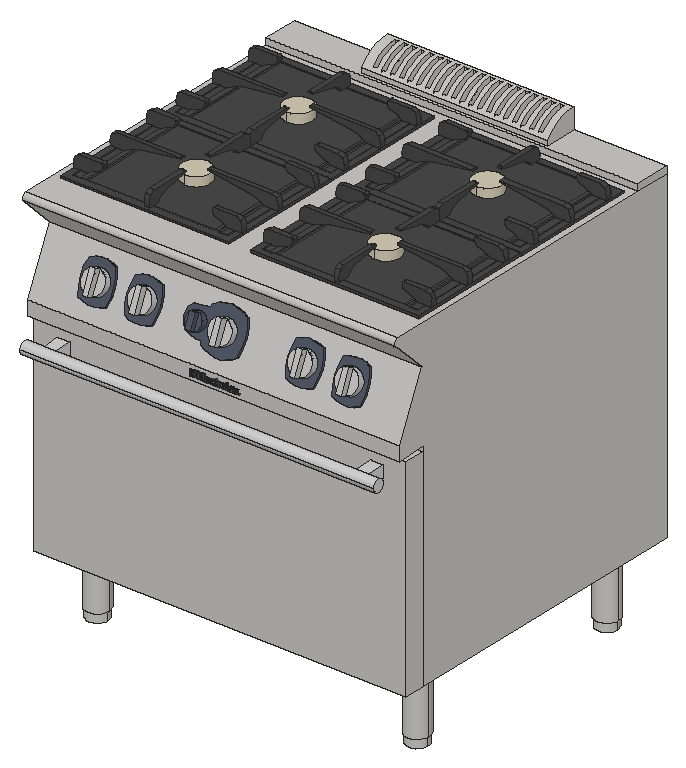
Revit family "QF_ELECTROLUXPROFESSIONAL_371403_E7AAKTBBMEI", category Attrezzature speciali, Revit 2018 (continued)
Automatic sketch dimensions
  Extrusion 26 sketch curve to Extrusion 26 sketch curve = 0.552 mm
  Extrusion 26 sketch curve to Extrusion 26 sketch curve = 0.778 mm
  Extrusion 26 sketch curve to Extrusion 26 sketch curve = 0.063 mm
  Extrusion 26 sketch curve to Extrusion 26 sketch curve = 1.023 mm
  Extrusion 26 sketch curve to Extrusion 26 sketch curve = 3.804 mm
  Extrusion 26 sketch curve to Extrusion 26 sketch curve = 0.486 mm
  Extrusion 26 sketch curve to Extrusion 26 sketch curve = 0.266 mm
  Extrusion 26 sketch curve to plane 7 "Center Y" = 0.787 mm
  Extrusion 26 sketch curve to Extrusion 26 sketch curve = 1.547 mm
  Extrusion 26 sketch curve to Extrusion 26 sketch curve = 0.717 mm  (x2)
  Extrusion 26 sketch curve to Extrusion 26 sketch curve = 1.667 mm
  plane 7 "Center Y" to Extrusion 26 sketch curve = 44.532 mm
  Extrusion 26 sketch curve to Extrusion 26 sketch curve = 3.174 mm
  plane 7 "Center Y" to Extrusion 26 sketch curve = 0.368 mm
  Extrusion 26 sketch curve to Extrusion 26 sketch curve = 0.388 mm
  Extrusion 26 sketch curve to Extrusion 26 sketch curve = 1.342 mm
  plane 7 "Center Y" to Extrusion 26 sketch curve = 50.135 mm
  Extrusion 26 sketch curve to Extrusion 26 sketch curve = 1.521 mm
  plane 7 "Center Y" to Extrusion 26 sketch curve = 51.694 mm
  Extrusion 26 sketch curve to Extrusion 26 sketch curve = 0.124 mm
  Extrusion 26 sketch curve to Extrusion 26 sketch curve = 0.291 mm
  plane 7 "Center Y" to Extrusion 26 sketch curve = 7.285 mm
  Extrusion 26 sketch curve to Extrusion 26 sketch curve = 1.049 mm  (x2)
  plane 7 "Center Y" to Extrusion 26 sketch curve = 47.668 mm
  Extrusion 26 sketch curve to Extrusion 26 sketch curve = 1.7 mm
  Extrusion 26 sketch curve to Extrusion 26 sketch curve = 0.894 mm
  Extrusion 26 sketch curve to Extrusion 26 sketch curve = 0.989 mm
  Extrusion 26 sketch curve to Extrusion 26 sketch curve = 1.168 mm
  Extrusion 26 sketch curve to Extrusion 26 sketch curve = 1.594 mm
  Extrusion 26 sketch curve to Extrusion 26 sketch curve = 0.731 mm
  Extrusion 26 sketch curve to Extrusion 26 sketch curve = 1.566 mm
  Extrusion 26 sketch curve to Extrusion 26 sketch curve = 0.064 mm
  plane 7 "Center Y" to Extrusion 26 sketch curve = 7.842 mm
  Extrusion 26 sketch curve to Extrusion 26 sketch curve = 0.556 mm
  Extrusion 26 sketch curve to Extrusion 26 sketch curve = 0.48 mm
  Extrusion 26 sketch curve to Extrusion 26 sketch curve = 0.228 mm
  Extrusion 26 sketch curve to Extrusion 26 sketch curve = 1.018 mm
  plane 7 "Center Y" to Extrusion 26 sketch curve = 37.429 mm
  Extrusion 26 sketch curve to Extrusion 26 sketch curve = 0.787 mm
  Extrusion 26 sketch curve to Extrusion 26 sketch curve = 0.618 mm
  plane 7 "Center Y" to Extrusion 26 sketch curve = 42.486 mm
  Extrusion 26 sketch curve to Extrusion 26 sketch curve = 1.672 mm
  plane 7 "Center Y" to Extrusion 26 sketch curve = 53.436 mm
  Extrusion 26 sketch curve to Extrusion 26 sketch curve = 1.361 mm
  Extrusion 26 sketch curve to Extrusion 26 sketch curve = 0.822 mm
  Extrusion 26 sketch curve to Extrusion 26 sketch curve = 0.069 mm
  Extrusion 26 sketch curve to Extrusion 26 sketch curve = 1.88 mm
  plane 7 "Center Y" to Extrusion 26 sketch curve = 35.269 mm
  Extrusion 26 sketch curve to Extrusion 26 sketch curve = 0.42 mm
  Extrusion 26 sketch curve to Extrusion 26 sketch curve = 0.062 mm
  Extrusion 26 sketch curve to Extrusion 26 sketch curve = 1.355 mm
  Extrusion 26 sketch curve to Extrusion 26 sketch curve = 2.34 mm
  Extrusion 26 sketch curve to Extrusion 26 sketch curve = 0.493 mm
  Extrusion 26 sketch curve to Extrusion 26 sketch curve = 0.136 mm
  Extrusion 26 sketch curve to Extrusion 26 sketch curve = 0.128 mm
  Extrusion 26 sketch curve to Extrusion 26 sketch curve = 3.616 mm
  Extrusion 26 sketch curve to Extrusion 26 sketch curve = 4.207 mm
  Extrusion 26 sketch curve to Extrusion 26 sketch curve = 0.183 mm
  Extrusion 26 sketch curve to Extrusion 26 sketch curve = 0.895 mm
  Extrusion 26 sketch curve to Extrusion 26 sketch curve = 1.314 mm
  Extrusion 26 sketch curve to Extrusion 26 sketch curve = 3.231 mm
  Extrusion 26 sketch curve to plane 7 "Center Y" = 23.526 mm
  Extrusion 26 sketch curve to Extrusion 26 sketch curve = 1.299 mm
  Extrusion 26 sketch curve to Extrusion 26 sketch curve = 1.214 mm
  plane 7 "Center Y" to Extrusion 26 sketch curve = 26.369 mm
  Extrusion 26 sketch curve to Extrusion 26 sketch curve = 1.264 mm
  Extrusion 26 sketch curve to Extrusion 26 sketch curve = 0.109 mm
  Extrusion 26 sketch curve to Extrusion 26 sketch curve = 0.357 mm
  Extrusion 26 sketch curve to Extrusion 26 sketch curve = 0.565 mm
  Extrusion 26 sketch curve to Extrusion 26 sketch curve = 2.504 mm
  Extrusion 26 sketch curve to Extrusion 26 sketch curve = 2.459 mm
  Extrusion 26 sketch curve to Extrusion 26 sketch curve = 0.983 mm
  Extrusion 26 sketch curve to Extrusion 26 sketch curve = 0.422 mm  (x2)
  Extrusion 26 sketch curve to Extrusion 26 sketch curve = 1.268 mm
  Extrusion 26 sketch curve to Extrusion 26 sketch curve = 0.671 mm
  Extrusion 26 sketch curve to Extrusion 26 sketch curve = 1.634 mm
  Extrusion 26 sketch curve to Extrusion 26 sketch curve = 0.132 mm
  Extrusion 26 sketch curve to Extrusion 26 sketch curve = 0.586 mm
  Extrusion 26 sketch curve to Extrusion 26 sketch curve = 1.241 mm
  Extrusion 26 sketch curve to Extrusion 26 sketch curve = 1.689 mm
  Extrusion 26 sketch curve to Extrusion 26 sketch curve = 0.627 mm
  Extrusion 26 sketch curve to Extrusion 26 sketch curve = 0.419 mm
  Extrusion 26 sketch curve to Extrusion 26 sketch curve = 1.514 mm
  Extrusion 26 sketch curve to Extrusion 26 sketch curve = 1.019 mm
  Extrusion 26 sketch curve to Extrusion 26 sketch curve = 0.065 mm
  Extrusion 26 sketch curve to Extrusion 26 sketch curve = 1.215 mm
  Extrusion 26 sketch curve to Extrusion 26 sketch curve = 1.122 mm
  Extrusion 26 sketch curve to Extrusion 26 sketch curve = 1.153 mm
  Extrusion 26 sketch curve to Extrusion 26 sketch curve = 1.223 mm
  Extrusion 26 sketch curve to Extrusion 26 sketch curve = 0.934 mm
  Extrusion 26 sketch curve to Extrusion 26 sketch curve = 3.376 mm
  Extrusion 26 sketch curve to Extrusion 26 sketch curve = 0.222 mm
  Extrusion 26 sketch curve to Extrusion 26 sketch curve = 1.383 mm
  Extrusion 26 sketch curve to Extrusion 26 sketch curve = 1.556 mm
  Extrusion 26 sketch curve to Extrusion 26 sketch curve = 2.559 mm
  Extrusion 26 sketch curve to Extrusion 26 sketch curve = 2.51 mm
  Extrusion 26 sketch curve to Extrusion 26 sketch curve = 0.131 mm
  Extrusion 26 sketch curve to Extrusion 26 sketch curve = 1.134 mm
  Extrusion 26 sketch curve to Extrusion 26 sketch curve = 0.094 mm
  Extrusion 26 sketch curve to Extrusion 26 sketch curve = 1.584 mm
  Extrusion 26 sketch curve to Extrusion 26 sketch curve = 0.27 mm
  Extrusion 26 sketch curve to Extrusion 26 sketch curve = 0.916 mm
  Extrusion 26 sketch curve to Extrusion 26 sketch curve = 0.352 mm
  Extrusion 26 sketch curve to Extrusion 26 sketch curve = 0.458 mm
  Extrusion 26 sketch curve to Extrusion 26 sketch curve = 1.282 mm
  Extrusion 26 sketch curve to Extrusion 26 sketch curve = 1.363 mm
  Extrusion 26 sketch curve to Extrusion 26 sketch curve = 0.685 mm
  Extrusion 26 sketch curve to Extrusion 26 sketch curve = 0.905 mm
  Extrusion 26 sketch curve to Extrusion 26 sketch curve = 1.477 mm
  Extrusion 26 sketch curve to Extrusion 26 sketch curve = 0.472 mm
  Extrusion 26 sketch curve to Extrusion 26 sketch curve = 0.101 mm
  Extrusion 26 sketch curve to Extrusion 26 sketch curve = 0.54 mm
  Extrusion 26 sketch curve to Extrusion 26 sketch curve = 0.02 mm
  Extrusion 26 sketch curve to Extrusion 26 sketch curve = 0.829 mm
  Extrusion 26 sketch curve to Extrusion 26 sketch curve = 0.582 mm
  Extrusion 26 sketch curve to Extrusion 26 sketch curve = 0.166 mm
  Extrusion 26 sketch curve to Extrusion 26 sketch curve = 0.16 mm
  Extrusion 26 sketch curve to Extrusion 26 sketch curve = 1.118 mm
  Extrusion 26 sketch curve to Extrusion 26 sketch curve = 0.613 mm
  Extrusion 26 sketch curve to Extrusion 26 sketch curve = 0.781 mm
  Extrusion 26 sketch curve to Extrusion 26 sketch curve = 0.361 mm
  Extrusion 26 sketch curve to Extrusion 26 sketch curve = 0.897 mm
  Extrusion 26 sketch curve to Extrusion 26 sketch curve = 0.167 mm
  Extrusion 26 sketch curve to Extrusion 26 sketch curve = 0.292 mm
  Extrusion 26 sketch curve to Extrusion 26 sketch curve = 0.305 mm
  Extrusion 26 sketch curve to Extrusion 26 sketch curve = 1.557 mm
  Extrusion 26 sketch curve to Extrusion 26 sketch curve = 2.499 mm
  Extrusion 26 sketch curve to Extrusion 26 sketch curve = 3.062 mm
  Extrusion 26 sketch curve to Extrusion 26 sketch curve = 2.968 mm
  Extrusion 26 sketch curve to Extrusion 26 sketch curve = 5.044 mm
  Extrusion 26 sketch curve to Extrusion 26 sketch curve = 0.629 mm  (x2)
  Extrusion 26 sketch curve to Extrusion 26 sketch curve = 1.131 mm
  Extrusion 26 sketch curve to Extrusion 26 sketch curve = 0.137 mm
  Extrusion 26 sketch curve to Extrusion 26 sketch curve = 0.027 mm
  Extrusion 26 sketch curve to Extrusion 26 sketch curve = 2.046 mm
  Extrusion 26 sketch curve to Extrusion 26 sketch curve = 2.235 mm
  radius of Extrusion 9 sketch curve = 12.7 mm
  radius of Extrusion 12 sketch curve = 25.4 mm  (x5)
  radius of Extrusion 15 sketch curve = 18.37 mm
  radius of Extrusion 17 sketch curve = 6.35 mm
Nested families
  nested 1: "371009_BURNER" at (8.5, -5, 0), type "371009_BURNER"
    with Type Mark "", Status "", Specification by User "", Revision Code "", Item Number "", Installed By "", Identify Quantity as Lot yes, Furnished By "", Foodservice Equipment Identifier yes
  nested 2: "371009_BURNER" at (8.5, -739.127, 0), type "371009_BURNER"
    with Type Mark "", Status "", Specification by User "", Revision Code "", Item Number "", Installed By "", Identify Quantity as Lot yes, Furnished By "", Foodservice Equipment Identifier yes
  nested 3: "371009_BURNER" at (416.5, -5, 0), type "371009_BURNER"
    with Type Mark "", Status "", Specification by User "", Revision Code "", Item Number "", Installed By "", Identify Quantity as Lot yes, Furnished By "", Foodservice Equipment Identifier yes
  nested 4: "371009_BURNER" at (416.5, -739.127, 0), type "371009_BURNER"
    with Type Mark "", Status "", Specification by User "", Revision Code "", Item Number "", Installed By "", Identify Quantity as Lot yes, Furnished By "", Foodservice Equipment Identifier yes
Connectors
  piping at (747.613, -464, 141.185), diameter 12.8
    settings: on Extrusion 17, index 1, connector inside diameter 0.50394", connector length 0 mm, flow factor 0, pipe flow 0 GPM, pressure drop 0.00 psi, fitting loss kfactor 0, connector angle 0.00°, fixture units 0, engagement length 0 mm, angle of deflection 0.00°, flow configuration 1, flow direction 1, fitting loss method 0, system type 7, joint type 0, gender type 0, connector reference index -1, connector utility 0, adjustable connector no, is connector primary yes, connector description "Gas Inlet"
Definition of nested family "371009_BURNER"
  Parameters
    Weight in Pounds = 0
    URL Cutsheet = ""
    URL = "www.electrolux.com"
    Type Mark [instance] = ""
    Status [instance] = ""
    Specification by User [instance] = ""
    Specification by Manufacturer = ""
    Serial Number = ""
    Seismic Rating = ""
    SMACNA No = ""
    Revision Code [instance] = ""
    Omniclass Number and Title = ""
    NAFEM Spec ID Number = ""
    Model = "371009"
    Masterspec = ""
    Manufacturer = "ELECTROLUX"
    Item Number [instance] = ""
    Installed By [instance] = ""
    Identify Quantity as Lot [instance] = yes
    Furnished By [instance] = ""
    Foodservice Equipment Identifier [instance] = yes
    Description = ""
    CSI MasterFormat = ""
    CSI Master Format = ""
  Reference planes
    plane 1 "BACK": y = 0
    plane 2: z = 0
    plane 3 "LEFT": x = 0
    plane 4 "RIGHT": x = 800
    plane 5 "FRONT": y = -700
    plane 6 "TOP": z = 908.85
    plane 7 "Center Y": x = 400
    plane 8 "Center X": y = -350
    plane 9 "Base": z = 150
    plane 10: z = 850.85
  Forms (mm)
    Extrusion 1, solid
      sketch origin (0, -734.127, 5) x (1, 0, 0) y (0, 0, -1)
        loop
          arc (7.142, -850.85) -> (6.739, -862.989) -> (9.761, -874.752) r 42.809
          line (9.761, -874.752) -> (19.961, -879.425) -> (157.339, -879.425)
          arc (157.339, -879.425) -> (158.533, -878.312) -> (157.506, -877.043) r 1.197
          line (157.506, -877.043) -> (64.848, -864.021)
          arc (64.848, -864.021) -> (50.111, -858.738) -> (36.589, -850.85) r 85.245
          line (36.589, -850.85) -> (7.142, -850.85)
        loop
          line (367.858, -850.85) -> (338.411, -850.85)
          arc (338.411, -850.85) -> (324.889, -858.738) -> (310.152, -864.021) r 85.245
          line (310.152, -864.021) -> (217.494, -877.043)
          arc (217.494, -877.043) -> (216.467, -878.312) -> (217.661, -879.425) r 1.197
          line (217.661, -879.425) -> (355.039, -879.425) -> (365.239, -874.752)
          arc (365.239, -874.752) -> (368.261, -862.989) -> (367.858, -850.85) r 42.809
      from 224.564 to 234.564
    Extrusion 2, solid
      sketch origin (0, -734.127, 5) x (1, 0, 0) y (0, 0, -1)
        loop
          arc (7.056, -850.85) -> (6.705, -862.948) -> (9.748, -874.663) r 42.876
          line (9.748, -874.663) -> (19.961, -879.425) -> (65.851, -879.425)
          arc (65.851, -879.425) -> (68.577, -878.352) -> (69.841, -875.709) r 4
          arc (69.841, -875.709) -> (68.75, -869.25) -> (64.816, -864.012) r 13.87
          arc (64.816, -864.012) -> (50.096, -858.731) -> (36.589, -850.85) r 85.245
          line (36.589, -850.85) -> (7.056, -850.85)
        loop
          line (367.944, -850.85) -> (338.411, -850.85)
          arc (338.411, -850.85) -> (324.904, -858.731) -> (310.184, -864.012) r 85.245
          arc (310.184, -864.012) -> (306.25, -869.25) -> (305.159, -875.709) r 13.87
          arc (305.159, -875.709) -> (306.423, -878.352) -> (309.149, -879.425) r 4
          line (309.149, -879.425) -> (355.039, -879.425) -> (365.252, -874.663)
          arc (365.252, -874.663) -> (368.295, -862.948) -> (367.944, -850.85) r 42.876
      from 127.064 to 137.064
    Extrusion 3, solid
      sketch origin (0, -275, 5) x (1, 0, 0) y (0, 0, 1)
        loop
          arc (64.816, 864.012) -> (68.75, 869.25) -> (69.841, 875.709) r 13.87
          arc (69.841, 875.709) -> (68.577, 878.352) -> (65.851, 879.425) r 4
          line (65.851, 879.425) -> (19.961, 879.425) -> (9.748, 874.663)
          arc (9.748, 874.663) -> (6.705, 862.948) -> (7.056, 850.85) r 42.876
          line (7.056, 850.85) -> (36.589, 850.85)
          arc (36.589, 850.85) -> (50.096, 858.731) -> (64.816, 864.012) r 85.245
        loop
          arc (310.184, 864.012) -> (324.904, 858.731) -> (338.411, 850.85) r 85.245
          line (338.411, 850.85) -> (367.944, 850.85)
          arc (367.944, 850.85) -> (368.295, 862.948) -> (365.252, 874.663) r 42.876
          line (365.252, 874.663) -> (355.039, 879.425) -> (309.149, 879.425)
          arc (309.149, 879.425) -> (306.423, 878.352) -> (305.159, 875.709) r 4
          arc (305.159, 875.709) -> (306.25, 869.25) -> (310.184, 864.012) r 13.87
      from 127.064 to 137.064
    Extrusion 4, solid
      sketch origin (454.964, -29.48, 5) x (0, -1, 0) y (0, 0, 1)
        loop
          arc (366.649, 850.85) -> (375.927, 861.743) -> (389.337, 866.736) r 28.426
          line (389.337, 866.736) -> (441.256, 877.043)
          arc (441.256, 877.043) -> (442.283, 878.312) -> (441.089, 879.425) r 1.197
          line (441.089, 879.425) -> (347.797, 879.425)
          arc (347.797, 879.425) -> (343.211, 875.934) -> (337.583, 874.694) r 13.39
          line (337.583, 874.694) -> (337.583, 850.85) -> (366.649, 850.85)
        loop
          arc (606.236, 850.85) -> (606.587, 862.948) -> (603.543, 874.663) r 42.876
          line (603.543, 874.663) -> (593.33, 879.425) -> (509.077, 879.425)
          arc (509.077, 879.425) -> (507.883, 878.312) -> (508.911, 877.043) r 1.197
          line (508.911, 877.043) -> (560.83, 866.736)
          arc (560.83, 866.736) -> (574.239, 861.743) -> (583.518, 850.85) r 28.426
          line (583.518, 850.85) -> (606.236, 850.85)
      from 262.464 to 272.464
    Extrusion 5, solid
      sketch origin (0, 0, 850.85) x (0, -1, 0) y (1, 0, 0)
        loop
          line (642.216, 6.433) -> (642.216, 368.567) -> (367.857, 368.567) -> (367.857, 6.433) -> (642.216, 6.433)
        loop
          line (382.857, 21.433) -> (627.216, 21.433) -> (627.216, 353.567) -> (382.857, 353.567) -> (382.857, 21.433)
      from 0 to 5
    Extrusion 6, solid
      sketch origin (-12.5, 0, 855.85) x (0, -1, 0) y (1, 0, 0)
        loop
          circle (504.356, 200) r 30
      from -1.321 to 17.134
    Extrusion 7, solid
      sketch origin (0, -734.127, 0) x (1, 0, 0) y (0, 0, -1)
        loop
          line (21.433, -855.85) -> (36.589, -855.85)
          arc (36.589, -855.85) -> (40.561, -855.243) -> (44.305, -853.783) r 18.259
          arc (44.305, -853.783) -> (45.997, -853.366) -> (47.69, -853.783) r 3.649
          arc (47.69, -853.783) -> (49.901, -854.522) -> (52.232, -854.529) r 7.328
          line (52.232, -854.529) -> (322.768, -854.529)
          arc (322.768, -854.529) -> (325.099, -854.522) -> (327.31, -853.783) r 7.328
          arc (327.31, -853.783) -> (329.003, -853.366) -> (330.695, -853.783) r 3.649
          arc (330.695, -853.783) -> (334.439, -855.243) -> (338.411, -855.85) r 18.259
          line (338.411, -855.85) -> (353.567, -855.85) -> (353.567, -850.85) -> (21.433, -850.85) -> (21.433, -855.85)
      from 106.911 to 351.27
  Lines and regions (mm)
    symbolic lines
      curve 1: line (6.433, -642.216, 150) -> (368.567, -642.216, 150)
      curve 2: line (6.433, -367.857, 150) -> (6.433, -642.216, 150)
      curve 3: line (368.567, -367.857, 150) -> (192.5, -367.857, 150)
      curve 4: line (368.567, -642.216, 150) -> (368.567, -367.857, 150)
      curve 5: line (353.567, -382.857, 150) -> (192.5, -382.857, 150)
      curve 6: line (353.567, -627.216, 150) -> (353.567, -607.064, 150)
      curve 7: line (21.433, -627.216, 150) -> (182.5, -627.216, 150)
      curve 8: line (21.433, -382.857, 150) -> (21.433, -402.064, 150)
      curve 9: line (52.232, -627.216, 150) -> (52.232, -607.064, 150)
      curve 10: line (322.567, -382.857, 150) -> (322.567, -402.064, 150)
      curve 11: line (148.125, -499.564, 150) -> (148.125, -382.857, 150)
      curve 12: line (154.375, -382.857, 150) -> (154.375, -499.564, 150)
      curve 13: arc (148.297, -509.564, 150) -> (159.191, -533.254, 150) -> (182.5, -544.942, 150) r 39.375
      curve 14: arc (220.42, -509.564, 150) -> (211.39, -528.832, 150) -> (192.5, -538.631, 150) r 33.125
      curve 15: line (220.625, -382.857, 150) -> (220.625, -499.564, 150)
      curve 16: line (226.875, -499.564, 150) -> (226.875, -382.857, 150)
      curve 17: line (192.5, -636.339, 150) -> (192.5, -535.619, 150)
      curve 18: arc (182.657, -474.75, 150) -> (166.195, -483.236, 150) -> (157.853, -499.771, 150) r 30
      curve 19: arc (192.224, -533.982, 150) -> (208.621, -525.661, 150) -> (217.084, -509.337, 150) r 30
      curve 20: line (368.567, -597.064, 150) -> (305.159, -597.064, 150)
      curve 21: line (6.433, -607.064, 150) -> (69.841, -607.064, 150)
      curve 22: line (6.433, -509.564, 150) -> (156.429, -509.564, 150)
      curve 23: line (368.567, -499.564, 150) -> (218.571, -499.564, 150)
      curve 24: line (6.433, -412.064, 150) -> (69.841, -412.064, 150)
      curve 25: line (368.567, -402.064, 150) -> (305.159, -402.064, 150)
      curve 26: line (69.841, -597.064, 150) -> (6.433, -597.064, 150)
      curve 27: line (305.159, -607.064, 150) -> (368.567, -607.064, 150)
      curve 28: line (69.841, -402.064, 150) -> (6.433, -402.064, 150)
      curve 29: line (305.159, -412.064, 150) -> (368.567, -412.064, 150)
      curve 30: arc (69.841, -597.064, 150) -> (74.841, -602.064, 150) -> (69.841, -607.064, 150) r 5
      curve 31: arc (305.159, -607.064, 150) -> (300.159, -602.064, 150) -> (305.159, -597.064, 150) r 5
      curve 32: arc (69.841, -402.064, 150) -> (74.841, -407.064, 150) -> (69.841, -412.064, 150) r 5
      curve 33: arc (305.159, -412.064, 150) -> (300.159, -407.064, 150) -> (305.159, -402.064, 150) r 5
      curve 34: line (21.433, -412.064, 150) -> (21.433, -499.564, 150)
      curve 35: line (52.232, -402.064, 150) -> (52.232, -382.857, 150)
      curve 36: line (21.433, -509.564, 150) -> (21.433, -597.064, 150)
      curve 37: line (52.232, -499.564, 150) -> (52.232, -412.064, 150)
      curve 38: line (52.232, -597.064, 150) -> (52.232, -509.564, 150)
      curve 39: line (21.433, -607.064, 150) -> (21.433, -627.216, 150)
      curve 40: line (322.567, -607.064, 150) -> (322.567, -627.216, 150)
      curve 41: line (353.567, -597.064, 150) -> (353.567, -509.564, 150)
      curve 42: line (322.567, -509.564, 150) -> (322.567, -597.064, 150)
      curve 43: line (353.567, -499.564, 150) -> (353.567, -412.064, 150)
      curve 44: line (353.567, -402.064, 150) -> (353.567, -382.857, 150)
      curve 45: line (322.567, -412.064, 150) -> (322.567, -499.564, 150)
      curve 46: line (156.429, -499.564, 150) -> (6.433, -499.564, 150)
      curve 47: line (218.571, -509.564, 150) -> (368.567, -509.564, 150)
      curve 48: arc (218.571, -499.564, 150) -> (213.571, -504.564, 150) -> (218.571, -509.564, 150) r 5
      curve 49: arc (156.429, -499.564, 150) -> (161.429, -504.564, 150) -> (156.429, -509.564, 150) r 5
      curve 50: arc (157.916, -509.337, 150) -> (166.379, -525.661, 150) -> (182.776, -533.982, 150) r 30
      curve 51: arc (217.147, -499.771, 150) -> (208.805, -483.236, 150) -> (192.343, -474.75, 150) r 30
      curve 52: line (182.5, -535.619, 150) -> (182.5, -636.339, 150)
      curve 53: line (192.5, -473.508, 150) -> (192.5, -367.064, 150)
      curve 54: arc (192.5, -535.619, 150) -> (187.5, -530.619, 150) -> (182.5, -535.619, 150) r 5
      curve 55: arc (192.5, -473.508, 150) -> (187.5, -478.508, 150) -> (182.5, -473.508, 150) r 5
      curve 56: line (182.5, -367.857, 150) -> (6.433, -367.857, 150)
      curve 57: line (182.5, -382.857, 150) -> (21.433, -382.857, 150)
      curve 58: arc (192.5, -404.571, 150) -> (196.398, -417.071, 150) -> (192.5, -429.571, 150) r 21.993
      curve 59: arc (196.181, -420.148, 150) -> (199.482, -417.071, 150) -> (196.181, -413.995, 150) r 3.084
      curve 60: arc (182.5, -404.571, 150) -> (178.602, -417.071, 150) -> (182.5, -429.571, 150) r 21.993
      curve 61: arc (178.819, -420.148, 150) -> (175.518, -417.071, 150) -> (178.819, -413.995, 150) r 3.084
      curve 62: line (182.5, -367.064, 150) -> (182.5, -473.508, 150)
      curve 63: arc (182.5, -538.631, 150) -> (163.61, -528.832, 150) -> (154.58, -509.564, 150) r 33.125
      curve 64: arc (192.5, -544.942, 150) -> (215.809, -533.254, 150) -> (226.703, -509.564, 150) r 39.375
      curve 65: line (182.5, -636.339, 150) -> (192.5, -636.339, 150)
      curve 66: line (182.5, -377.277, 150) -> (192.5, -377.277, 150)
      curve 67: line (182.5, -367.064, 150) -> (192.5, -367.064, 150)
      curve 68: line (192.5, -627.216, 150) -> (353.567, -627.216, 150)
  Dimensions and locks
    equal spacing: plane 3 "LEFT", plane 7 "Center Y", plane 4 "RIGHT"
    plane 3 "LEFT" to plane 4 "RIGHT" = 800 mm
    equal spacing: plane 5 "FRONT", plane 8 "Center X", plane 1 "BACK"
    plane 5 "FRONT" to plane 1 "BACK" = 700 mm
    plane 6 "TOP" to level = 908.85 mm
    plane 9 "Base" to level = 150 mm
    plane 6 "TOP" to plane 10 = 58 mm  (x2)
    aligned and locked: level to plane 2
  Automatic sketch dimensions
    Extrusion 5 sketch curve to Extrusion 5 sketch curve = 15 mm  (x2)
    Extrusion 5 sketch curve to Extrusion 5 sketch curve = 332.134 mm
    plane 3 "LEFT" to Extrusion 2 sketch curve = 7.056 mm
    plane 3 "LEFT" to Extrusion 2 sketch curve = 9.748 mm
    Extrusion 2 sketch curve to Extrusion 2 sketch curve = 10.213 mm  (x2)
    plane 10 to Extrusion 2 sketch curve = 5 mm  (x2)
    Extrusion 2 sketch curve to Extrusion 2 sketch curve = 29.533 mm
    Extrusion 2 sketch curve to Extrusion 2 sketch curve = 12.72 mm  (x2)
    Extrusion 2 sketch curve to Extrusion 2 sketch curve = 6.697 mm
    Extrusion 2 sketch curve to Extrusion 2 sketch curve = 8.81 mm
    Extrusion 2 sketch curve to Extrusion 2 sketch curve = 9.845 mm  (x2)
    Extrusion 2 sketch curve to Extrusion 2 sketch curve = 3.99 mm  (x2)
    Extrusion 2 sketch curve to Extrusion 2 sketch curve = 0 mm  (x2)
    Extrusion 2 sketch curve to Extrusion 2 sketch curve = 36.813 mm
    Extrusion 2 sketch curve to plane 7 "Center Y" = 111.122 mm
    Extrusion 2 sketch curve to plane 6 "TOP" = 28.141 mm
    Extrusion 2 sketch curve to plane 7 "Center Y" = 94.841 mm
    Extrusion 2 sketch curve to Extrusion 2 sketch curve = 1.035 mm
    Extrusion 2 sketch curve to Extrusion 2 sketch curve = 15.507 mm
    Extrusion 2 sketch curve to Extrusion 2 sketch curve = 16.628 mm
    Extrusion 2 sketch curve to Extrusion 2 sketch curve = 2.692 mm
    Extrusion 2 sketch curve to plane 6 "TOP" = 24.425 mm
    Extrusion 2 sketch curve to Extrusion 2 sketch curve = 28.575 mm
    Extrusion 2 sketch curve to Extrusion 2 sketch curve = 3.716 mm
    Extrusion 2 sketch curve to Extrusion 2 sketch curve = 4.763 mm  (x2)
    plane 3 "LEFT" to Extrusion 1 sketch curve = 7.142 mm
    plane 3 "LEFT" to Extrusion 1 sketch curve = 9.761 mm
    Extrusion 1 sketch curve to Extrusion 1 sketch curve = 10.201 mm  (x2)
    plane 10 to Extrusion 1 sketch curve = 5 mm  (x2)
    Extrusion 1 sketch curve to Extrusion 1 sketch curve = 29.447 mm
    Extrusion 1 sketch curve to Extrusion 1 sketch curve = 12.704 mm  (x2)
    Extrusion 1 sketch curve to Extrusion 1 sketch curve = 15.555 mm  (x2)
    Extrusion 1 sketch curve to Extrusion 1 sketch curve = 36.829 mm
    Extrusion 1 sketch curve to plane 6 "TOP" = 24.425 mm  (x2)
    Extrusion 1 sketch curve to Extrusion 1 sketch curve = 92.491 mm
    Extrusion 1 sketch curve to plane 6 "TOP" = 26.807 mm  (x2)
    Extrusion 1 sketch curve to Extrusion 1 sketch curve = 0.167 mm  (x2)
    Extrusion 1 sketch curve to Extrusion 1 sketch curve = 59.988 mm
    Extrusion 1 sketch curve to plane 7 "Center Y" = 111.122 mm
    plane 10 to Extrusion 1 sketch curve = 18.171 mm
    Extrusion 1 sketch curve to Extrusion 1 sketch curve = 21.274 mm
    Extrusion 1 sketch curve to Extrusion 1 sketch curve = 16.628 mm
    Extrusion 1 sketch curve to Extrusion 1 sketch curve = 2.618 mm
    Extrusion 1 sketch curve to Extrusion 1 sketch curve = 4.673 mm  (x2)
    Extrusion 1 sketch curve to Extrusion 1 sketch curve = 5.694 mm
    plane 3 "LEFT" to Extrusion 3 sketch curve = 7.056 mm
    plane 3 "LEFT" to Extrusion 3 sketch curve = 9.748 mm
    Extrusion 3 sketch curve to Extrusion 3 sketch curve = 10.213 mm  (x2)
    plane 10 to Extrusion 3 sketch curve = 5 mm  (x2)
    Extrusion 3 sketch curve to Extrusion 3 sketch curve = 29.533 mm
    Extrusion 3 sketch curve to Extrusion 3 sketch curve = 12.72 mm  (x2)
    Extrusion 3 sketch curve to Extrusion 3 sketch curve = 6.697 mm
    Extrusion 3 sketch curve to Extrusion 3 sketch curve = 8.81 mm
    Extrusion 3 sketch curve to Extrusion 3 sketch curve = 9.845 mm  (x2)
    Extrusion 3 sketch curve to Extrusion 3 sketch curve = 3.99 mm  (x2)
    Extrusion 3 sketch curve to Extrusion 3 sketch curve = 0 mm  (x2)
    Extrusion 3 sketch curve to Extrusion 3 sketch curve = 36.813 mm
    Extrusion 3 sketch curve to plane 7 "Center Y" = 111.122 mm
    Extrusion 3 sketch curve to plane 6 "TOP" = 28.141 mm
    Extrusion 3 sketch curve to plane 7 "Center Y" = 94.841 mm
    Extrusion 3 sketch curve to Extrusion 3 sketch curve = 1.035 mm
    Extrusion 3 sketch curve to Extrusion 3 sketch curve = 15.507 mm
    Extrusion 3 sketch curve to Extrusion 3 sketch curve = 16.628 mm
    Extrusion 3 sketch curve to Extrusion 3 sketch curve = 2.692 mm
    Extrusion 3 sketch curve to plane 10 = 64.377 mm  (x2)
    plane 10 to Extrusion 3 sketch curve = 12.281 mm  (x2)
    Extrusion 3 sketch curve to Extrusion 3 sketch curve = 10.713 mm
    Extrusion 5 to Extrusion 6 sketch curve = 121.499 mm
    Extrusion 5 to Extrusion 6 sketch curve = 166.067 mm
    plane 3 "LEFT" to Extrusion 5 sketch curve = 21.433 mm
    Extrusion 5 sketch curve to plane 5 "FRONT" = 72.784 mm
    plane 3 "LEFT" to Extrusion 7 sketch curve = 21.433 mm
    Extrusion 7 sketch curve to Extrusion 7 sketch curve = 14.402 mm
    plane 10 to Extrusion 7 sketch curve = 5 mm
    plane 10 to Extrusion 7 sketch curve = 2.933 mm  (x4)
    Extrusion 7 sketch curve to Extrusion 7 sketch curve = 7.716 mm  (x2)
    Extrusion 7 sketch curve to Extrusion 7 sketch curve = 0 mm  (x2)
    Extrusion 7 sketch curve to Extrusion 7 sketch curve = 1.692 mm  (x2)
    Extrusion 7 sketch curve to Extrusion 7 sketch curve = 3.385 mm  (x2)
    Extrusion 7 sketch curve to plane 10 = 3.559 mm  (x2)
    Extrusion 7 sketch curve to Extrusion 7 sketch curve = 302.478 mm
    Extrusion 7 sketch curve to Extrusion 7 sketch curve = 15.253 mm
    Extrusion 7 sketch curve to Extrusion 7 sketch curve = 15.156 mm  (x2)
    Extrusion 7 sketch curve to Extrusion 7 sketch curve = 3.233 mm
    Extrusion 7 sketch curve to plane 10 = 0 mm
    Extrusion 7 sketch curve to plane 7 "Center Y" = 77.232 mm
    Extrusion 5 sketch curve to plane 8 "Center X" = 32.857 mm
    plane 3 "LEFT" to Extrusion 5 sketch curve = 6.433 mm
    plane 1 "BACK" to Extrusion 5 sketch curve = 367.857 mm
    plane 10 to Extrusion 4 sketch curve = 5 mm  (x2)
    Extrusion 4 sketch curve to Extrusion 4 sketch curve = 29.066 mm
    Extrusion 4 sketch curve to Extrusion 4 sketch curve = 22.688 mm
    Extrusion 4 sketch curve to plane 10 = 7.392 mm  (x2)
    Extrusion 4 sketch curve to Extrusion 4 sketch curve = 25.583 mm
    Extrusion 4 sketch curve to plane 6 "TOP" = 24.425 mm  (x2)
    Extrusion 4 sketch curve to Extrusion 4 sketch curve = 51.752 mm
    Extrusion 4 sketch curve to Extrusion 4 sketch curve = 0.167 mm  (x2)
    Extrusion 4 sketch curve to plane 6 "TOP" = 26.807 mm
    Extrusion 4 sketch curve to Extrusion 4 sketch curve = 67.655 mm
    Extrusion 4 sketch curve to Extrusion 4 sketch curve = 49.024 mm
    Extrusion 4 sketch curve to Extrusion 4 sketch curve = 2.895 mm
    Extrusion 4 sketch curve to Extrusion 4 sketch curve = 3.153 mm
    Extrusion 4 sketch curve to Extrusion 4 sketch curve = 19.535 mm
    Extrusion 4 sketch curve to Extrusion 4 sketch curve = 9.813 mm
    Extrusion 4 sketch curve to Extrusion 4 sketch curve = 10.213 mm
    Extrusion 4 sketch curve to Extrusion 4 sketch curve = 22.718 mm
    Extrusion 4 sketch curve to Extrusion 4 sketch curve = 8.605 mm
    Extrusion 4 sketch curve to Extrusion 4 sketch curve = 4.731 mm
    Extrusion 4 sketch curve to Extrusion 4 sketch curve = 2.382 mm
    Extrusion 4 sketch curve to Extrusion 4 sketch curve = 8.658 mm
    Extrusion 4 sketch curve to plane 8 "Center X" = 17.064 mm
    curve 13 to curve 14 = 0 mm  (x2)
    curve 13 to curve 63 = 0 mm  (x2)
    curve 13 to curve 64 = 0 mm  (x2)
    curve 18 to curve 19 = 0 mm  (x2)
    curve 18 to curve 50 = 0 mm  (x2)
    curve 18 to curve 51 = 0 mm  (x2)
    curve 25 to plane 7 "Center Y" = 31.433 mm
    curve 3 to curve 44 = 15 mm
    curve 43 to curve 44 = 0 mm
    curve 1 to curve 68 = 15 mm
    curve 41 to curve 43 = 0 mm
    curve 6 to curve 40 = 31 mm
    curve 41 to curve 42 = 31 mm
    curve 43 to curve 45 = 31 mm
    curve 10 to curve 45 = 0 mm
    curve 40 to curve 27 = 17.408 mm
    curve 45 to curve 29 = 17.408 mm
    curve 16 to curve 64 = 0.172 mm
    curve 16 to curve 15 = 6.25 mm
    curve 64 to curve 14 = 6.283 mm
    curve 15 to curve 23 = 2.054 mm
    curve 23 to curve 51 = 1.424 mm
    curve 47 to curve 19 = 1.487 mm
    curve 15 to curve 60 = 20.029 mm
    curve 60 to curve 59 = 4.198 mm
    curve 59 to curve 59 = 0.216 mm  (x2)
    curve 19 to curve 64 = 24.584 mm
    curve 55 to curve 51 = 0.157 mm
    curve 54 to curve 19 = 0.276 mm
    curve 19 to curve 64 = 4.724 mm
    curve 18 to curve 13 = 0 mm
    curve 54 to curve 54 = 5 mm
    curve 50 to curve 54 = 0.276 mm
    curve 18 to curve 55 = 0.157 mm
    curve 60 to curve 61 = 3.681 mm
    curve 61 to curve 61 = 0 mm
    curve 61 to curve 61 = 0.216 mm
    curve 61 to curve 58 = 4.198 mm
    curve 13 to curve 50 = 29.584 mm
    curve 50 to curve 18 = 0.064 mm
    curve 50 to curve 22 = 1.487 mm
    curve 22 to curve 63 = 1.849 mm
    curve 49 to curve 12 = 2.054 mm
    curve 63 to curve 13 = 6.283 mm
    curve 12 to curve 11 = 6.25 mm
    plane 3 "LEFT" to curve 30 = 69.841 mm
    plane 3 "LEFT" to curve 28 = 69.841 mm
    plane 3 "LEFT" to curve 38 = 52.232 mm
    curve 24 to curve 37 = 17.609 mm
    curve 9 to curve 38 = 0 mm
    curve 28 to curve 35 = 17.609 mm
    plane 3 "LEFT" to curve 39 = 21.433 mm
    plane 3 "LEFT" to curve 8 = 21.433 mm
    curve 34 to curve 8 = 0 mm
    curve 36 to curve 34 = 0 mm
    plane 3 "LEFT" to curve 21 = 6.433 mm
    curve 67 to curve 56 = 0.794 mm
    curve 67 to curve 3 = 0.794 mm
    curve 56 to curve 66 = 9.419 mm
    curve 10 to curve 33 = 19.206 mm
    curve 8 to curve 8 = 19.206 mm
    curve 57 to curve 60 = 21.714 mm
    curve 60 to curve 58 = 0 mm
    curve 28 to curve 32 = 5 mm
    curve 33 to curve 33 = 5 mm
    curve 58 to curve 59 = 9.423 mm
    curve 61 to curve 58 = 3.077 mm
    curve 60 to curve 62 = 43.937 mm
    curve 51 to curve 15 = 24.814 mm
    curve 23 to curve 51 = 0.207 mm
    curve 18 to curve 13 = 1.529 mm
    curve 38 to curve 38 = 87.5 mm
    curve 42 to curve 31 = 87.5 mm
    curve 26 to curve 30 = 5 mm
    curve 31 to curve 31 = 5 mm
    curve 9 to curve 9 = 20.152 mm
    curve 65 to plane 5 "FRONT" = 63.661 mm
    curve 6 to curve 4 = 15 mm
    curve 55 to curve 55 = 5 mm
    curve 53 to curve 18 = 5 mm
    curve 45 to curve 16 = 95.692 mm
    curve 2 to curve 57 = 15 mm
    curve 10 to plane 8 "Center X" = 32.857 mm
    curve 57 to plane 8 "Center X" = 32.857 mm
    curve 6 to curve 68 = 20.152 mm
    radius of Extrusion 6 sketch curve = 30 mm
Types (2, lengths in mm): name | URL | Modello | Produttore | Gas Size | Descrizione
  (no name) | "www.electrolux.com" | "371002" | "ELECTROLUX" | 0" | "700XP 4-Burner Gas Range on Gas Oven"
  Standard | "https://www.electroluxprofessional.com/" | "E7AAKTBBMEI" | "Electrolux Professional" | 1/2" | "4-BURNER GAS RANGE+GAS OVEN 800MM - QMARK"
